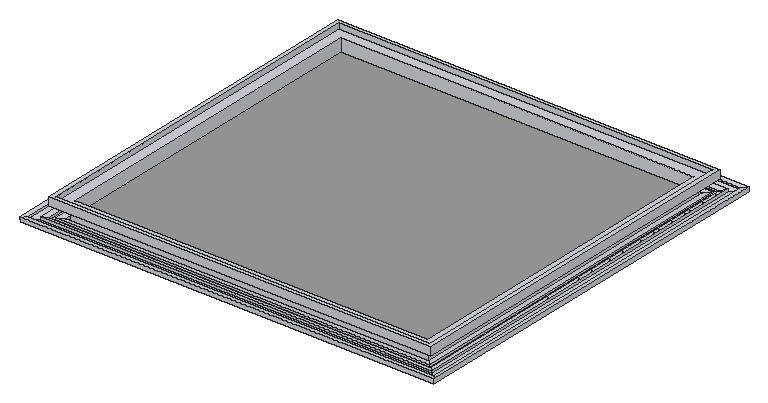
Revit family "GHP", category Air Terminals, Revit 2012
Parameters (values of type "GHP-12")
  URL = "http://www.innes.com.mx"
  Mínima velocidad de cuello = 0 FPM
  Mínima presión estática = 0.00 in-wg
  Máximo nivel de ruido (NC) = ""
  Máxima velocidad de cuello = 0 FPM
  Máxima presión estática = 0.00 in-wg
  Material = ""
  Manufacturer = "INNES"
  Largo B = 11 3/64"
  Largo A = Largo B + 2"  # 13 3/64"
  Cuello = ""
  Ancho B = 11 3/4"
  Ancho A = Ancho B + 1 19/64"  # 13 3/64"
Types (5): name | Ancho B | Ancho A
  (no name) | 11 3/4" | 13 3/64"
  GHP-12 | 11 3/4" | 13 3/64"
  GHP-13 | 12 3/4" | 14 3/64"
  GHP-14 | 13 3/4" | 15 3/64"
  GHP-15 | 14 3/4" | 16 3/64"
Reference planes (in)
  plane 1 "Center (Front/Back)": y = 0
  plane 2: z = 0
  plane 3 "Center (Left/Right)": x = 0
  plane 4: x = -6.52344
  plane 5: x = 6.52344
  plane 6: x = -5.875
  plane 7: x = 5.875
  plane 8: y = 6.52344
  plane 9: y = -6.52344
  plane 10: y = 5.52344
  plane 11: y = -5.52344
  plane 12 "Altura": z = 0.875
  plane 13: z = 0.1875
  plane 14: z = 0.3125
Forms (in)
  Sweep 1, solid
    path origin (0, 0, 0) x (1, 0, 0) y (0, 1, 0)
      loop
        line (-5.875, 5.52344) -> (-5.875, -5.52344) -> (5.875, -5.52344) -> (5.875, 5.52344) -> (-5.875, 5.52344)
    profile origin (0, 5.52344, 0) x (0, 1, 0) y (0, 0, 1)
      loop
        line (0, 0) -> (1, 0.1875) -> (1, 0.33507) -> (0.86904, 0.31051) -> (0.86904, 0.25666) -> (0.62333, 0.21059) -> (0.62333, 0.2897) -> (0.47915, 0.26266) -> (0.47915, 0.1875) -> (0.52527, 0.19615) -> (0.52527, 0.23633) -> (0.5731, 0.23633) -> (0.5731, 0.1875) -> (0.2701, 0.13069) -> (0.2701, 0.17662) -> (0.3519, 0.19196) -> (0.3519, 0.24467) -> (0.15902, 0.2085) -> (0.15902, 0.10986) -> (0.06011, 0.09131) -> (0.06011, 0.60355) -> (0.47915, 0.60355) -> (0.47915, 0.875) -> (0.3519, 0.875) -> (0.3519, 0.71278) -> (0, 0.71278) -> (0, 0)
  Extrusion 2, solid, material "Default"
    sketch origin (0, 0, 0) x (1, 0, 0) y (0, 1, 0)
      loop
        line (-5.875, 5.52344) -> (-5.875, -5.52344) -> (5.875, -5.52344) -> (5.875, 5.52344) -> (-5.875, 5.52344)
    from 0 to 0.31051
Dimensions and locks (in)
  equal spacing: plane 4, plane 3 "Center (Left/Right)", plane 5
  "Ancho A": plane 4 to plane 5
  equal spacing: plane 6, plane 3 "Center (Left/Right)", plane 7
  "Ancho B": plane 6 to plane 7
  equal spacing: plane 8, plane 1 "Center (Front/Back)", plane 9
  "Largo A": plane 8 to plane 9
  equal spacing: plane 10, plane 1 "Center (Front/Back)", plane 11
  "Largo B": plane 10 to plane 11
  locked: plane 12 "Altura" to level at 0.875
  locked: plane 13 to level at 0.1875
  plane 14 to level = 5/16"
  aligned and locked: plane 2 to level
  aligned and locked: Sweep 1 sketch curve to plane 10
  aligned and locked: plane 6 to Sweep 1 sketch curve
  aligned and locked: plane 11 to Sweep 1 sketch curve
  aligned and locked: Sweep 1 sketch curve to plane 7
  aligned and locked: Sweep 1 sketch curve to profile plane
  aligned and locked: plane 6 to Sweep 1
  aligned and locked: Sweep 1 to plane 7
  aligned and locked: plane 8 to Sweep 1
  aligned and locked: Sweep 1 to plane 10
  aligned and locked: Sweep 1 to plane 9
  aligned and locked: plane 11 to Sweep 1
  aligned and locked: plane 12 "Altura" to Sweep 1  (x2)
  aligned and locked: Extrusion 2 sketch curve to Sweep 1  (x4)
  aligned and locked: Extrusion 2 to Sweep 1
Automatic sketch dimensions
  Sweep 1 sketch curve to level = 0"
  Sweep 1 sketch curve to profile plane = 0.06011"
  Sweep 1 sketch curve to Sweep 1 sketch curve = 0.09891"
  Sweep 1 sketch curve to Sweep 1 sketch curve = 0.11108"
  Sweep 1 sketch curve to Sweep 1 sketch curve = 0.0818"
  Sweep 1 sketch curve to Sweep 1 sketch curve = 0.29179"
  Sweep 1 sketch curve to Sweep 1 sketch curve = 0.12725"  (x2)
  level to Sweep 1 sketch curve = 0.19615"
  Sweep 1 sketch curve to Sweep 1 sketch curve = 0.04612"
  Sweep 1 sketch curve to Sweep 1 sketch curve = 0.04784"
  Sweep 1 sketch curve to Sweep 1 sketch curve = 0.05022"
  Sweep 1 sketch curve to Sweep 1 sketch curve = 0.24572"
  Sweep 1 sketch curve to Sweep 1 sketch curve = 0.13096"
  level to Sweep 1 sketch curve = 0.09131"
  Sweep 1 sketch curve to Sweep 1 sketch curve = 0.01854"
  Sweep 1 sketch curve to Sweep 1 sketch curve = 0.02083"
  Sweep 1 sketch curve to Sweep 1 sketch curve = 0.04593"
  Sweep 1 sketch curve to Sweep 1 sketch curve = 0.00865"  (x2)
  level to Sweep 1 sketch curve = 3/16"
  Sweep 1 sketch curve to Sweep 1 sketch curve = 0.01534"
  Sweep 1 sketch curve to Sweep 1 sketch curve = 0.09864"
  Sweep 1 sketch curve to Sweep 1 sketch curve = 0.02309"
  Sweep 1 sketch curve to Sweep 1 sketch curve = 0.04018"
  Sweep 1 sketch curve to Sweep 1 sketch curve = 0.05271"
  Sweep 1 sketch curve to Sweep 1 sketch curve = 0.06916"
  Sweep 1 sketch curve to Sweep 1 sketch curve = 0.02633"
  Sweep 1 sketch curve to Sweep 1 sketch curve = 0.05337"
  Sweep 1 sketch curve to Sweep 1 sketch curve = 0.05385"
  Sweep 1 sketch curve to Sweep 1 sketch curve = 0.02455"
  Sweep 1 sketch curve to Sweep 1 sketch curve = 0.31386"
  Sweep 1 sketch curve to Sweep 1 sketch curve = 0.10922"
  Sweep 1 sketch curve to Sweep 1 sketch curve = 0.16222"
Connectors (in)
  hvac at (0, 0, 0.875), driven by "Largo A", driven by "Ancho A"
    settings: on Sweep 1, index 1, duct flow 0 CFM, flow factor 0, pres drop 0.00 in-wg, loss coef 0, conn angle 0.00°, conn width 13 3/64", conn height 13 3/64", conn radius 12", duct sys type 1, conn prof type 1, flow config 0, flow direction 0, loss method 0, conn ref index -1, conn util no, is conn primary yes, conn desc ""
